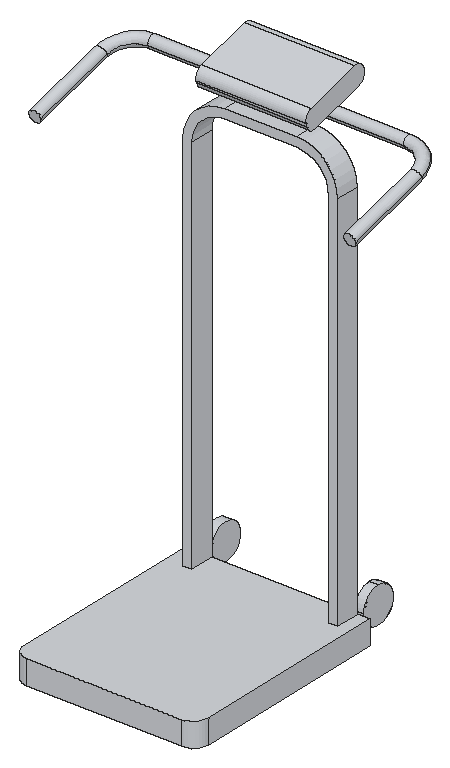
Revit family "MX308", category Specialty Equipment, Revit 2021
Family settings
  Round Connector Dimension = Use Diameter
  Part Type = Normal
  Work Plane-Based = No
  Always vertical = Yes
  Cut with Voids When Loaded = No
  Shared = No
  Room Calculation Point = No
Parameters
  width = 15.33577"
  to wall = 3.32"
  OA HGT = 43.398"
  Height from Floor = 41.5"
  Handlebar width = 27.24"
  Default Elevation = 0.0"
Reference planes (in)
  plane 1 "Center (Front/Back)": y = 0
  plane 2: z = 0
  plane 3 "Center (Left/Right)": x = -0.33211
  plane 4: x = -8
  plane 5: x = 7.33577
  plane 6: y = 3.32
  plane 7: z = 41.5
  plane 8: x = -13.95211
  plane 9: x = 13.28789
  plane 10: y = -17.96103
Forms (in)
  Extrusion 1, solid
    sketch origin (0, 0, 0) x (1, 0, 0) y (0, 1, 0)
      loop
        line (-8, 0) -> (-8, -16.75463)
        arc (-8, -16.75463) -> (-7.63388, -17.63851) -> (-6.75, -18.00463) r 1.25
        line (-6.75, -18.00463) -> (6.08577, -18.00463)
        arc (6.08577, -18.00463) -> (6.96965, -17.63851) -> (7.33577, -16.75463) r 1.25
        line (7.33577, -16.75463) -> (7.33577, 0) -> (-8, 0)
    from 0 to 2
  Extrusion 2, solid
    sketch origin (0, 22.41669, -5.42779) x (0, 0.965926, 0.258819) y (0, -0.258819, 0.965926)
      loop
        arc (-12.46516, 50.60116) -> (-12.99549, 50.38149) -> (-13.21516, 49.85116) r 0.75
        line (-13.21516, 49.85116) -> (-13.21516, 49.63415)
        arc (-13.21516, 49.63415) -> (-12.99549, 49.10382) -> (-12.46516, 48.88415) r 0.75
        line (-12.46516, 48.88415) -> (-7.82644, 48.88415)
        arc (-7.82644, 48.88415) -> (-7.29611, 49.10382) -> (-7.07644, 49.63415) r 0.75
        line (-7.07644, 49.63415) -> (-7.07644, 49.85116)
        arc (-7.07644, 49.85116) -> (-7.29611, 50.38149) -> (-7.82644, 50.60116) r 0.75
        line (-7.82644, 50.60116) -> (-12.46516, 50.60116)
    from 4.63774 to -4.5
  Sweep 3, solid
    path origin (0.20475, 0, 0) x (1, 0, 0) y (0, 0, 1)
      loop
        line (-6, 2) -> (-6, 33.76)
        arc (-6, 33.76) -> (-5.21859, 35.64648) -> (-3.33211, 36.42789) r 2.66789
        line (-3.33211, 36.42789) -> (2.66789, 36.42789)
        arc (2.66789, 36.42789) -> (4.55437, 35.64648) -> (5.33577, 33.76) r 2.66789
        line (5.33577, 33.76) -> (5.33577, 2)
    profile origin (-5.79525, 0, 17.88) x (-1, 0, 0) y (0, -1, 0)
      loop
        line (0, 0.05094) -> (0.75, 0.05094) -> (0.75, 2.05094) -> (0, 2.05094) -> (0, 0.05094)
  Extrusion 4, solid
    sketch origin (-0.33211, -1.5741, -0.99843) x (0, 1, 0) y (0, 0, 1)
      loop
        circle (3.32, 3.01497) r 1.5
    from 6.95475 to 6.20475
  Extrusion 5, solid
    sketch origin (-0.33211, -1.54319, -0.99843) x (0, 1, 0) y (0, 0, 1)
      loop
        circle (3.32, 3.01497) r 1.5
    from 6.95475 to 6.20475
  Sweep 6, solid
    path origin (0, 9.69805, 1.58596) x (1, 0, 0) y (0, 0.965926, 0.258819)
      loop
        line (-13.95211, -9) -> (-13.95211, -2)
        arc (-13.95211, -2) -> (-13.07343, 0.12132) -> (-10.95211, 1) r 3
        line (-10.95211, 1) -> (10.28789, 1)
        arc (10.28789, 1) -> (12.40921, 0.12132) -> (13.28789, -2) r 3
        line (13.28789, -2) -> (13.28789, -9)
    profile origin (-13.95211, 4.38546, 0.16246) x (-1, 0, 0) y (0, -0.258819, 0.965926)
      loop
        circle (-0.54535, 38) r 0.5
  Extrusion 7, solid
    sketch origin (-0.33211, -1.54319, -0.76497) x (0, 1, 0) y (0, 0, 1)
      loop
        circle (3.32, 3.01497) r 1.5
    from -6.50805 to -5.74427
Cuts and joins
  joined: Extrusion 1, Sweep 3
Dimensions and locks (in)
  equal spacing: plane 4, plane 3 "Center (Left/Right)", plane 5
  "width": plane 4 to plane 5
  "to wall": plane 6 to plane 1 "Center (Front/Back)"
  "Height from Floor": plane 7 to level
  equal spacing: plane 8, plane 3 "Center (Left/Right)", plane 9
  "Handlebar width": plane 8 to plane 9
  plane 6 to plane 10 = 21.28103"
  radius of Extrusion 4 sketch curve = 1.5"
  radius of Extrusion 5 sketch curve = 1.5"
  radius of Sweep 6 sketch curve = 3.0"
  radius of Sweep 6 sketch curve = 0.5"
  radius of Extrusion 7 sketch curve = 1.5"
  aligned and locked: level to plane 2
Automatic sketch dimensions
  plane 1 "Center (Front/Back)" to Extrusion 1 sketch curve = 0.0"
  Extrusion 1 sketch curve to plane 4 = 0.0"
  Extrusion 1 sketch curve to plane 5 = 0.0"
  Extrusion 1 sketch curve to Extrusion 1 sketch curve = 1.25"
  Extrusion 1 sketch curve to plane 5 = 1.25"
  plane 1 "Center (Front/Back)" to Extrusion 1 sketch curve = 16.75463"
  Extrusion 2 sketch curve to plane 7 = 2.40522"
  plane 1 "Center (Front/Back)" to Extrusion 2 sketch curve = 3.19443"
  Extrusion 2 sketch curve to Extrusion 2 sketch curve = 0.75"  (x2)
  Extrusion 2 sketch curve to Extrusion 2 sketch curve = 0.0"  (x2)
  Extrusion 2 sketch curve to Extrusion 2 sketch curve = 4.63872"
  Extrusion 2 sketch curve to Extrusion 2 sketch curve = 0.21701"
  plane 4 to Sweep 3 sketch curve = 2.20475"
  Sweep 3 sketch curve to plane 3 "Center (Left/Right)" = 2.79525"
  plane 3 "Center (Left/Right)" to Sweep 3 sketch curve = 3.20475"
  Sweep 3 sketch curve to plane 5 = 1.79525"
  Sweep 3 sketch curve to plane 7 = 7.74"
  level to Sweep 3 sketch curve = 2.0"  (x2)
  Sweep 3 sketch curve to profile plane = 0.0"
  Sweep 3 sketch curve to profile plane = 0.75"
  plane 1 "Center (Front/Back)" to Sweep 3 sketch curve = 0.05094"
  Sweep 3 sketch curve to Sweep 3 sketch curve = 2.0"
  Extrusion 4 sketch curve to plane 6 = 1.5741"
  level to Extrusion 4 sketch curve = 2.01654"
  Extrusion 5 sketch curve to plane 6 = 1.54319"
  level to Extrusion 5 sketch curve = 2.01654"
  Sweep 6 sketch curve to plane 8 = 0.0"
  Sweep 6 sketch curve to plane 9 = 0.0"
  plane 8 to Sweep 6 sketch curve = 3.0"
  Sweep 6 sketch curve to Sweep 6 sketch curve = 7.0"  (x2)
  profile plane to Sweep 6 sketch curve = 0.54535"
  profile plane to Sweep 6 sketch curve = 38.0"
  Extrusion 7 sketch curve to plane 6 = 1.54319"
  level to Extrusion 7 sketch curve = 2.25"
